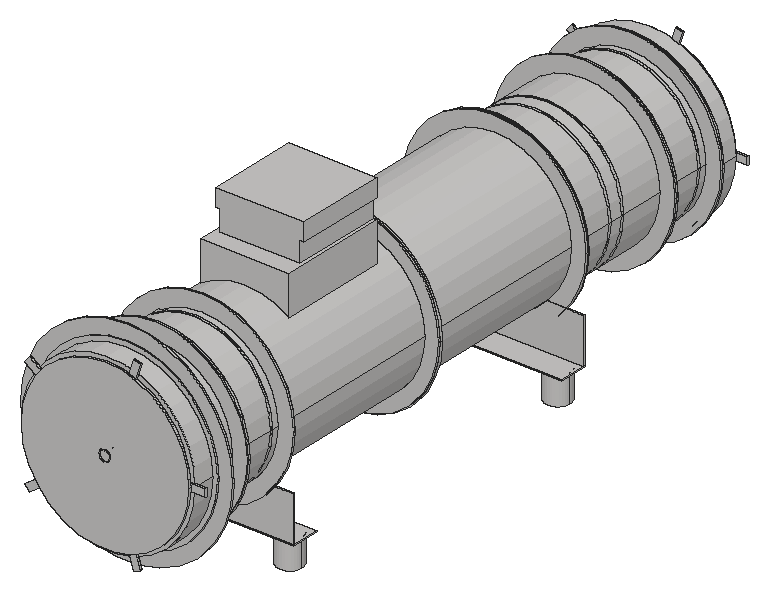
Revit family "HARMANN - MAXEE_HT - poziomy", category Mechanical Equipment, host Face, Revit 2022 (continued)
Types (40, lengths in mm): name | Zasilanie natężenie maksymalne Imax | Zasilanie Moc maksymalna Pmax | Zasilanie Częstotliwość Maksymalna fmax | Wysokość FSD | Wysokość FAL | Wysokość | TRA | R2 | Długość RVS SPR | Długość RVK H F4 SPR | Długość RVK H F4 | Długość RAS F4 od strony tłoczonej SPR | Długość RAS F4 SPR | Długość RAF SPR | Długość ESD SPR | Czy Przyłącze okrągłe RVS | Powietrze ciśnienie statyczne maksymalne dPmax | Powietrze Przepływ Maksymalny Qmax | Obroty nominalne nnom | Numer artykułu | N1 | Model | Moc akustyczna nominalna obudowa Lwa | Masa | MAXEE_HT | F | Długość TRA | Długość RVS | Długość RAS F4 | Długość RAF | Długość MAXEE | Długość ESD | D2 | D | Ciśnienie akustyczne nominalne obudowa Lpa | C | B | Akc SGE dla ESD | Akc SGE | Akc RVS | Akc RVK H F4 | Akc RAS F4 | Akc RAF | Akc FSD | Akc FAL | Akc ESD | A
  MAXEE.HT 1250/6/79400T | 25.9 A | 10850 W | 40 Hz | 94.00 | 270.00 | 498.00 | yes | 625.00 | 0.00 | 566.00 | 566.00 | 235.00 | 235.00 | 105.00 | 178.00 | no | 420.0 Pa | 79450.0 m³/h | 980.000 RPM | "16256800" | 37 | "MAXEE.HT 1250/6/79400T" | "87 dB(A)" | 280.00 kg | HARMANN - MAXEE_HT : MAXEE.HT 1250/6/79400T | 874.00 | 681.00 | 308.00 | 235.00 | 105.00 | 728.00 | 178.00 | 1256.00 | 1250.00 | "80 dB(A)" | 1320.00 | 728.00 | HARMANN - Akcesoria - SGE : SGE 1400 | HARMANN - Akcesoria - SGE : SGE 1250 | HARMANN - Akcesoria - RVS : RVS 1250 | HARMANN - Akcesoria - RVK H F4 : RVK H 1250 F4 | HARMANN - Akcesoria - RAS F4 : RAS 1250 F4 | HARMANN - Akcesoria - RAF : RAF 1250 | HARMANN - Akcesoria - FSD : FSD 11 | HARMANN - Akcesoria - FAL : FAL 1250 | HARMANN - Akcesoria - ESD : ESD 1250 | 1370.00
  MAXEE.HT 1250/6/98500T | 40.5 A | 21529 W | 50 Hz | 94.00 | 270.00 | 498.00 | yes | 625.00 | 0.00 | 566.00 | 566.00 | 235.00 | 235.00 | 105.00 | 178.00 | no | 670.0 Pa | 98520.0 m³/h | 980.000 RPM | "16257600" | 38 | "MAXEE.HT 1250/6/98500T" | "96 dB(A)" | 365.00 kg | HARMANN - MAXEE_HT : MAXEE.HT 1250/6/98500T | 997.00 | 681.00 | 308.00 | 235.00 | 105.00 | 728.00 | 178.00 | 1256.00 | 1250.00 | "89 dB(A)" | 1320.00 | 728.00 | HARMANN - Akcesoria - SGE : SGE 1400 | HARMANN - Akcesoria - SGE : SGE 1250 | HARMANN - Akcesoria - RVS : RVS 1250 | HARMANN - Akcesoria - RVK H F4 : RVK H 1250 F4 | HARMANN - Akcesoria - RAS F4 : RAS 1250 F4 | HARMANN - Akcesoria - RAF : RAF 1250 | HARMANN - Akcesoria - FSD : FSD 11 | HARMANN - Akcesoria - FAL : FAL 1250 | HARMANN - Akcesoria - ESD : ESD 1250 | 1370.00
  MAXEE.HT 1250/6/109300T | 52 A | 28129 W | 55 Hz | 94.00 | 270.00 | 498.00 | yes | 625.00 | 0.00 | 566.00 | 566.00 | 235.00 | 235.00 | 105.00 | 178.00 | no | 835.0 Pa | 109260.0 m³/h | 980.000 RPM | "16258100" | 39 | "MAXEE.HT 1250/6/109300T" | "95 dB(A)" | 376.00 kg | HARMANN - MAXEE_HT : MAXEE.HT 1250/6/109300T | 997.00 | 681.00 | 308.00 | 235.00 | 105.00 | 728.00 | 178.00 | 1256.00 | 1250.00 | "88 dB(A)" | 1320.00 | 728.00 | HARMANN - Akcesoria - SGE : SGE 1250 | HARMANN - Akcesoria - SGE : SGE 1250 | HARMANN - Akcesoria - RVS : RVS 1250 | HARMANN - Akcesoria - RVK H F4 : RVK H 1250 F4 | HARMANN - Akcesoria - RAS F4 : RAS 1250 F4 | HARMANN - Akcesoria - RAF : RAF 1250 | HARMANN - Akcesoria - FSD : FSD 11 | HARMANN - Akcesoria - FAL : FAL 1250 | HARMANN - Akcesoria - ESD : ESD 1250 | 1370.00
  MAXEE.HT 1250/6/119600T | 68.8 A | 37683 W | 60 Hz | 94.00 | 270.00 | 498.00 | yes | 625.00 | 0.00 | 566.00 | 566.00 | 235.00 | 235.00 | 105.00 | 178.00 | no | 1015.0 Pa | 119640.0 m³/h | 990.000 RPM | "16259000" | 40 | "MAXEE.HT 1250/6/119600T" | "96 dB(A)" | 550.00 kg | HARMANN - MAXEE_HT : MAXEE.HT 1250/6/119600T | 997.00 | 681.00 | 308.00 | 235.00 | 105.00 | 728.00 | 178.00 | 1256.00 | 1250.00 | "89 dB(A)" | 1320.00 | 728.00 | HARMANN - Akcesoria - SGE : SGE 1400 | HARMANN - Akcesoria - SGE : SGE 1250 | HARMANN - Akcesoria - RVS : RVS 1250 | HARMANN - Akcesoria - RVK H F4 : RVK H 1250 F4 | HARMANN - Akcesoria - RAS F4 : RAS 1250 F4 | HARMANN - Akcesoria - RAF : RAF 1250 | HARMANN - Akcesoria - FSD : FSD 11 | HARMANN - Akcesoria - FAL : FAL 1250 | HARMANN - Akcesoria - ESD : ESD 1250 | 1370.00
